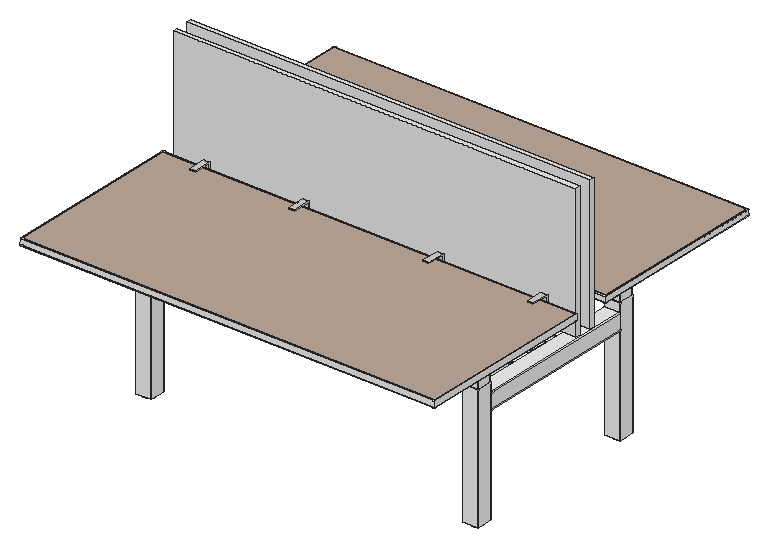
Revit family "T200024", category Furniture, Revit 2022
Family settings
  OmniClass Number = 23.40.20.00
  OmniClass Title = General Furniture and Specialties
  Work Plane-Based = No
  Always vertical = No
  Cut with Voids When Loaded = No
  Render Appearance Source = Family Geometry
  Shared = No
  Room Calculation Point = No
Parameters (values of type "T200024")
  URL = "https://ofs.com/"
  Manufacturer = "OFS"
  Description = "OFS TYPICAL T200024"
  Default Elevation = 0"
  Copyright © = "©OFS 2021"
  Catalog = "https://ofs.com/2020-experience"
  Authoring Version = "Autodesk Revit Architecture 2015"
  Assembly Code = "E2020400"
Reference planes (in)
  plane 1 "Center Front/Back": y = 0
  plane 2: z = 0
  plane 3 "Center Left/Right": x = 0
Dimensions and locks (in)
  aligned and locked: level to plane 2
Nested families (in)
  nested 1: "OFS ELEMENT OPEN L DESK LEFT AND RIGHT 84in Width 60in Return" at (102, 18.84375, 84), type "ELEMENT OPEN L DESK LEFT RETURN 84in Width 60in Return"
    with Right Desk Ovelay no, Left Desk Overlay no, Desk Overlay Option yes
  nested 2: "OFS RANGE END CAP" at (37.75, -0.06469, 0) x (0, -1, 0) z (0, 0, 1), type "END CAP"
  nested 3: "OFS RANGE END CAP" at (-37.75, 0, 0) x (0, 1, 0) z (0, 0, 1), type "END CAP"
  nested 4: "OFS RANGE HEIGHT ADJUSTABLE BENCH KIT" at (0, 12, 0), type "HEIGHT ADJUSTABLE BENCH KIT 72W"
    with Height 27 7/8"
  nested 5: "OFS RANGE CABLE CARRIER" at (0, 12, -23.375), type "CABLE CARRIER 72W"
  nested 6: "OFS RANGE 30D RECTANGULAR TOP" at (0, 33.0625, 0), type "30D RECTANGULAR TOP 70W"
  nested 7: "OFS RANGE 30D RECTANGULAR TOP" at (0, -3.0625, 0), type "30D RECTANGULAR TOP 70W"
  nested 8: "OFS RANGE BRACKETS FOR WORKSURFACE EDGE MODESTY WOOD AND TFL PANEL" at (28.5, -1.8125, -3.25), type "BRACKETS FOR WORKSURFACE EDGE MODESTY Wood and TFL Panel"
  nested 9: "OFS RANGE BRACKETS FOR WORKSURFACE EDGE MODESTY WOOD AND TFL PANEL" at (-11.7347, -1.8125, -3.25), type "BRACKETS FOR WORKSURFACE EDGE MODESTY Wood and TFL Panel"
  nested 10: "OFS RANGE BRACKETS FOR WORKSURFACE EDGE MODESTY WOOD AND TFL PANEL" at (-28.5, -1.8125, -3.25), type "BRACKETS FOR WORKSURFACE EDGE MODESTY Wood and TFL Panel"
  nested 11: "OFS RANGE BRACKETS FOR WORKSURFACE EDGE MODESTY WOOD AND TFL PANEL" at (10.92503, -1.8125, -3.25), type "BRACKETS FOR WORKSURFACE EDGE MODESTY Wood and TFL Panel"
  nested 12: "OFS RANGE BRACKETS FOR WORKSURFACE EDGE MODESTY WOOD AND TFL PANEL" at (-28.5, 1.8125, -3.25), type "BRACKETS FOR WORKSURFACE EDGE MODESTY Wood and TFL Panel"
  nested 13: "OFS RANGE BRACKETS FOR WORKSURFACE EDGE MODESTY WOOD AND TFL PANEL" at (-11.7347, 1.8125, -3.25), type "BRACKETS FOR WORKSURFACE EDGE MODESTY Wood and TFL Panel"
  nested 14: "OFS RANGE BRACKETS FOR WORKSURFACE EDGE MODESTY WOOD AND TFL PANEL" at (10.92503, 1.8125, -3.25), type "BRACKETS FOR WORKSURFACE EDGE MODESTY Wood and TFL Panel"
  nested 15: "OFS RANGE BRACKETS FOR WORKSURFACE EDGE MODESTY WOOD AND TFL PANEL" at (28.5, 1.8125, -3.25), type "BRACKETS FOR WORKSURFACE EDGE MODESTY Wood and TFL Panel"
  nested 16: "OFS RANGE WORKSURFACE EDGE MODESTY TFL HPL OR WILSONART" at (-0.14774, 13.4375, 0), type "WORKSURFACE EDGE MODESTY 68W TFL HPL OR WILSONART"
  nested 17: "OFS RANGE WORKSURFACE EDGE MODESTY TFL HPL OR WILSONART" at (-0.14774, -13.4375, 0), type "WORKSURFACE EDGE MODESTY 68W TFL HPL OR WILSONART"
Definition of nested family "OFS RANGE END CAP"
  Parameters (values of type "END CAP")
    Width = 9"
    URL = "http://www.ofs.com/"
    Model = "HB-EC"
    Manufacturer = "CAROLINA"
    Height from Floor = 15"
    Height = 2"
    Profile Material = none
    Description = "OFS CAROLINA END CAP, for Cable Carrier"
    Depth = 1"
    Default Elevation = 0"
    Copyright © = "©OFS 2019"
    Catalog = "https://ofs.com/products/open-plan/benching/range"
    Authoring Version = "Autodesk Revit Architecture 2015"
    Assembly Code = "E2020200"
  Reference planes (in)
    plane 1 "Back": y = -11.5
    plane 2: z = 0
    plane 3 "Center Left/Right": x = 0
    plane 4 "Front": y = -12.5
    plane 5 "Left": x = -4.5
    plane 6 "Right": x = 4.5
    plane 7: z = 15
    plane 8: z = 17
    plane 9: y = -12
  Forms (in)
    Extrusion 1, solid, material <- "Profile Material"
      sketch origin (1, -13.68515, 0) x (0, -1, 0) y (1, 0, 0)
        loop
          line (-2.18515, 3.74409) -> (-2.18515, -5.74409)
          arc (-2.18515, -5.74409) -> (-2.12047, -5.80878) -> (-2.05578, -5.74409) r 0.06469
          line (-2.05578, -5.74409) -> (-2.05578, -5.45499)
          arc (-2.05578, -5.45499) -> (-2.05002, -5.44107) -> (-2.0361, -5.43531) r 0.01969
          line (-2.0361, -5.43531) -> (-1.31338, -5.43531) -> (-1.31338, -5.39031) -> (-2.0361, -5.39031)
          arc (-2.0361, -5.39031) -> (-2.08184, -5.40925) -> (-2.10078, -5.45499) r 0.06469
          line (-2.10078, -5.45499) -> (-2.10078, -5.74409)
          arc (-2.10078, -5.74409) -> (-2.12047, -5.76378) -> (-2.14015, -5.74409) r 0.01969
          line (-2.14015, -5.74409) -> (-2.14015, 3.74409)
          arc (-2.14015, 3.74409) -> (-2.12047, 3.76378) -> (-2.10078, 3.74409) r 0.01969
          line (-2.10078, 3.74409) -> (-2.10078, 3.45499)
          arc (-2.10078, 3.45499) -> (-2.08184, 3.40925) -> (-2.0361, 3.39031) r 0.06469
          line (-2.0361, 3.39031) -> (-1.31338, 3.39031) -> (-1.31338, 3.43531) -> (-2.0361, 3.43531)
          arc (-2.0361, 3.43531) -> (-2.05002, 3.44107) -> (-2.05578, 3.45499) r 0.01969
          line (-2.05578, 3.45499) -> (-2.05578, 3.74409)
          arc (-2.05578, 3.74409) -> (-2.12047, 3.80878) -> (-2.18515, 3.74409) r 0.06469
      from 15 to 17
    Extrusion 2, void
      sketch origin (0, 0, 0) x (0, 1, 0) y (0, 0, 1)
        loop
          line (-12.18427, 16.85665) -> (-11.64906, 16.85665) -> (-11.64906, 17.10665) -> (-12.64906, 17.10665) -> (-12.64906, 14.89335) -> (-11.64906, 14.89335) -> (-11.64906, 15.14335) -> (-12.18427, 15.14335)
          arc (-12.18427, 15.14335) -> (-12.31685, 15.19827) -> (-12.37177, 15.33085) r 0.1875
          line (-12.37177, 15.33085) -> (-12.37177, 16.66915)
          arc (-12.37177, 16.66915) -> (-12.31685, 16.80173) -> (-12.18427, 16.85665) r 0.1875
        loop
          circle (-12.03905, 15.42172) r 0.10313
      from -4.5 to 4.5
  Cuts and joins
    Extrusion 2 cuts Extrusion 1
  Dimensions and locks (in)
    "Depth": plane 4 "Front" to plane 1 "Back"
    equal spacing: plane 5 "Left", plane 3 "Center Left/Right", plane 6 "Right"
    "Width": plane 5 "Left" to plane 6 "Right"
    "Height from Floor": plane 7 to level
    "Height": plane 8 to plane 7
    equal spacing: plane 4 "Front", plane 9, plane 1 "Back"
    aligned and locked: level to plane 2
    aligned and locked: plane 8 to Extrusion 1
    aligned and locked: Extrusion 1 to plane 7
  Automatic sketch dimensions
    Extrusion 1 sketch curve to Extrusion 1 sketch curve = 0"  (x8)
    Extrusion 1 sketch curve to plane 4 "Front" = 1"
    Extrusion 1 sketch curve to Extrusion 1 sketch curve = 0.045"
    Extrusion 1 sketch curve to Extrusion 1 sketch curve = 0.01969"  (x4)
    Extrusion 1 sketch curve to Extrusion 1 sketch curve = 0.72272"  (x2)
    Extrusion 1 sketch curve to plane 5 "Left" = 0.24409"
    Extrusion 1 sketch curve to Extrusion 1 sketch curve = 0.2891"  (x2)
    plane 5 "Left" to Extrusion 1 sketch curve = 8.89031"
    plane 4 "Front" to Extrusion 2 sketch curve = 0.14906"
    Extrusion 2 sketch curve to plane 4 "Front" = 0.12823"
    Extrusion 2 sketch curve to plane 9 = 0.18427"  (x2)
    Extrusion 2 sketch curve to plane 9 = 5/128"
    plane 1 "Back" to Extrusion 2 sketch curve = 0.14906"  (x2)
    Extrusion 2 sketch curve to plane 7 = 0.10665"
    plane 7 to Extrusion 2 sketch curve = 0.14335"
    Extrusion 2 sketch curve to Extrusion 2 sketch curve = 0.09087"
    Extrusion 2 sketch curve to plane 8 = 0.33085"
    plane 8 to Extrusion 2 sketch curve = 0.10665"
    radius of Extrusion 2 sketch curve = 0.10313"
Definition of nested family "OFS RANGE HEIGHT ADJUSTABLE BENCH KIT"
  Parameters (values of type "HEIGHT ADJUSTABLE BENCH KIT 54W")
    Default Elevation = 0"
    Casters Material = none
    Width = 44"
    URL = "http://www.ofs.com/"
    Model = "HB-54HABK"
    Manufacturer = "CAROLINA"
    Height [instance] = 27 7/8"
    Structure Material = none
    Description = "OFS CAROLINA RANGE HEIGHT ADJUSTABLE BENCH KIT, 54\" Kit, Accommodates Two Users"
    Depth = 45 3/4"
    Copyright © = "©OFS 2019"
    Catalog = "https://ofs.com/products/open-plan/benching/range"
    Authoring Version = "Autodesk Revit Architecture 2015"
    Assembly Code = "E2020200"
  Types (5): name | Width | Model | Description
    (no name) | 44" | "HB-54HABK" | "OFS CAROLINA RANGE HEIGHT ADJUSTABLE BENCH KIT, 54\" Kit, Accommodates Two Users"
    HEIGHT ADJUSTABLE BENCH KIT 54W | 44" | "HB-54HABK" | "OFS CAROLINA RANGE HEIGHT ADJUSTABLE BENCH KIT, 54\" Kit, Accommodates Two Users"
    HEIGHT ADJUSTABLE BENCH KIT 60W | 50" | "HB-60HABK" | "OFS CAROLINA RANGE HEIGHT ADJUSTABLE BENCH KIT, 60\" Kit, Accommodates Two Users"
    HEIGHT ADJUSTABLE BENCH KIT 66W | 56" | "HB-66HABK" | "OFS CAROLINA RANGE HEIGHT ADJUSTABLE BENCH KIT, 66\" Kit, Accommodates Two Users"
    HEIGHT ADJUSTABLE BENCH KIT 72W | 62" | "HB-72HABK" | "OFS CAROLINA RANGE HEIGHT ADJUSTABLE BENCH KIT, 72\" Kit, Accommodates Two Users"
  Reference planes (in)
    plane 1 "Back": y = 10.875
    plane 2: z = 0
    plane 3 "Center Left/Right": x = 0
    plane 4 "Front": y = -34.875
    plane 5 "Left": x = -22
    plane 6 "Right": x = 22
    plane 7: z = 27.875
    plane 8: y = -12
    plane 9: z = 19.75
    plane 10: z = 17
    plane 11: z = 21.25
    plane 12: x = -20
    plane 13: x = 20
    plane 14: x = -17.25
    plane 15: x = 17.25
    plane 16: y = 4.375
    plane 17: y = 1.625
    plane 18: y = -28.375
    plane 19: y = -25.625
    plane 20: z = 0.375
    plane 21: x = -20.875
    plane 22: x = 20.875
    plane 23: y = -4.87622
    plane 24: y = -19.12378
    plane 25: z = 26.75
    plane 26: y = -23.9375
    plane 27: y = -25.125
    plane 28: y = -30.0625
    plane 29: y = -28.875
    plane 30: y = -0.0625
    plane 31: y = 1.125
    plane 32: y = 6.0625
    plane 33: y = 4.875
    plane 34: x = -0.5
    plane 35: x = 0.5
    plane 36: z = 25.5
    plane 37: z = 26
  Forms (in)
    Extrusion 1, solid, material <- "Structure Material"
      sketch origin (0, 0, 0) x (1, 0, 0) y (0, 1, 0)
        loop
          arc (-19.875, 4.375) -> (-19.96339, 4.33839) -> (-20, 4.25) r 0.125
          line (-20, 4.25) -> (-20, 1.75)
          arc (-20, 1.75) -> (-19.96339, 1.66161) -> (-19.875, 1.625) r 0.125
          line (-19.875, 1.625) -> (-17.375, 1.625)
          arc (-17.375, 1.625) -> (-17.28661, 1.66161) -> (-17.25, 1.75) r 0.125
          line (-17.25, 1.75) -> (-17.25, 4.25)
          arc (-17.25, 4.25) -> (-17.28661, 4.33839) -> (-17.375, 4.375) r 0.125
          line (-17.375, 4.375) -> (-19.875, 4.375)
        loop
          arc (17.375, 4.375) -> (17.28661, 4.33839) -> (17.25, 4.25) r 0.125
          line (17.25, 4.25) -> (17.25, 1.75)
          arc (17.25, 1.75) -> (17.28661, 1.66161) -> (17.375, 1.625) r 0.125
          line (17.375, 1.625) -> (19.875, 1.625)
          arc (19.875, 1.625) -> (19.96339, 1.66161) -> (20, 1.75) r 0.125
          line (20, 1.75) -> (20, 4.25)
          arc (20, 4.25) -> (19.96339, 4.33839) -> (19.875, 4.375) r 0.125
          line (19.875, 4.375) -> (17.375, 4.375)
        loop
          arc (19.875, -28.375) -> (19.96339, -28.33839) -> (20, -28.25) r 0.125
          line (20, -28.25) -> (20, -25.75)
          arc (20, -25.75) -> (19.96339, -25.66161) -> (19.875, -25.625) r 0.125
          line (19.875, -25.625) -> (17.375, -25.625)
          arc (17.375, -25.625) -> (17.28661, -25.66161) -> (17.25, -25.75) r 0.125
          line (17.25, -25.75) -> (17.25, -28.25)
          arc (17.25, -28.25) -> (17.28661, -28.33839) -> (17.375, -28.375) r 0.125
          line (17.375, -28.375) -> (19.875, -28.375)
        loop
          arc (-17.375, -28.375) -> (-17.28661, -28.33839) -> (-17.25, -28.25) r 0.125
          line (-17.25, -28.25) -> (-17.25, -25.75)
          arc (-17.25, -25.75) -> (-17.28661, -25.66161) -> (-17.375, -25.625) r 0.125
          line (-17.375, -25.625) -> (-19.875, -25.625)
          arc (-19.875, -25.625) -> (-19.96339, -25.66161) -> (-20, -25.75) r 0.125
          line (-20, -25.75) -> (-20, -28.25)
          arc (-20, -28.25) -> (-19.96339, -28.33839) -> (-19.875, -28.375) r 0.125
          line (-19.875, -28.375) -> (-17.375, -28.375)
      from 0.375 to 21.25
    Extrusion 2, solid, material <- "Structure Material"
      sketch origin (0, 10.875, 0) x (1, 0, 0) y (0, 0, 1)
        loop
          arc (-19.875, 19.75) -> (-19.96339, 19.71339) -> (-20, 19.625) r 0.125
          line (-20, 19.625) -> (-20, 17.125)
          arc (-20, 17.125) -> (-19.96339, 17.03661) -> (-19.875, 17) r 0.125
          line (-19.875, 17) -> (-17.375, 17)
          arc (-17.375, 17) -> (-17.28661, 17.03661) -> (-17.25, 17.125) r 0.125
          line (-17.25, 17.125) -> (-17.25, 19.625)
          arc (-17.25, 19.625) -> (-17.28661, 19.71339) -> (-17.375, 19.75) r 0.125
          line (-17.375, 19.75) -> (-19.875, 19.75)
        loop
          line (19.875, 19.75) -> (17.375, 19.75)
          arc (17.375, 19.75) -> (17.28661, 19.71339) -> (17.25, 19.625) r 0.125
          line (17.25, 19.625) -> (17.25, 17.125)
          arc (17.25, 17.125) -> (17.28661, 17.03661) -> (17.375, 17) r 0.125
          line (17.375, 17) -> (19.875, 17)
          arc (19.875, 17) -> (19.96339, 17.03661) -> (20, 17.125) r 0.125
          line (20, 17.125) -> (20, 19.625)
          arc (20, 19.625) -> (19.96339, 19.71339) -> (19.875, 19.75) r 0.125
      from 9.25 to 36.5
    Revolve 3, solid, material <- "Casters Material"
      sketch origin (0, 3, 0) x (1, 0, 0) y (0, 0, 1)
        loop
          line (-19.63403, 0.03937) -> (-18.625, 0.03937) -> (-18.625, 0.375) -> (-19.45473, 0.375) -> (-19.63403, 0.19569) -> (-19.63403, 0.03937)
        axis (-18.625, 0.375) -> (-18.625, 0.03937)
      angle from 0 to 360
    Revolve 4, solid, material <- "Casters Material"
      sketch origin (0, 3, 0) x (-1, 0, 0) y (0, 0, -1)
        loop
          line (-19.63403, -0.03937) -> (-19.63403, -0.19569) -> (-19.45473, -0.375) -> (-18.625, -0.375) -> (-18.625, -0.03937) -> (-19.63403, -0.03937)
        axis (-18.625, -0.375) -> (-18.625, -0.03937)
      angle from 0 to 360
    Revolve 5, solid, material <- "Casters Material"
      sketch origin (0, -27, 0) x (1, 0, 0) y (0, 0, -1)
        loop
          line (-19.63403, -0.03937) -> (-19.63403, -0.19569) -> (-19.45473, -0.375) -> (-18.625, -0.375) -> (-18.625, -0.03937) -> (-19.63403, -0.03937)
        axis (-18.625, -0.375) -> (-18.625, -0.03937)
      angle from 0 to 360
    Revolve 6, solid, material <- "Casters Material"
      sketch origin (0, -27, 0) x (-1, 0, 0) y (0, 0, 1)
        loop
          line (-19.63403, 0.03937) -> (-18.625, 0.03937) -> (-18.625, 0.375) -> (-19.45473, 0.375) -> (-19.63403, 0.19569) -> (-19.63403, 0.03937)
        axis (-18.625, 0.375) -> (-18.625, 0.03937)
      angle from 0 to 360
    Extrusion 7, solid, material <- "Structure Material"
      sketch origin (0, 10.875, 0) x (1, 0, 0) y (0, 0, 1)
        loop
          arc (-21.875, 27.875) -> (-21.96339, 27.83839) -> (-22, 27.75) r 0.125
          line (-22, 27.75) -> (-22, 26.875)
          arc (-22, 26.875) -> (-21.96339, 26.78661) -> (-21.875, 26.75) r 0.125
          line (-21.875, 26.75) -> (-21, 26.75)
          arc (-21, 26.75) -> (-20.91161, 26.78661) -> (-20.875, 26.875) r 0.125
          line (-20.875, 26.875) -> (-20.875, 27.75)
          arc (-20.875, 27.75) -> (-20.91161, 27.83839) -> (-21, 27.875) r 0.125
          line (-21, 27.875) -> (-21.875, 27.875)
        loop
          arc (21, 27.875) -> (20.91161, 27.83839) -> (20.875, 27.75) r 0.125
          line (20.875, 27.75) -> (20.875, 26.875)
          arc (20.875, 26.875) -> (20.91161, 26.78661) -> (21, 26.75) r 0.125
          line (21, 26.75) -> (21.875, 26.75)
          arc (21.875, 26.75) -> (21.96339, 26.78661) -> (22, 26.875) r 0.125
          line (22, 26.875) -> (22, 27.75)
          arc (22, 27.75) -> (21.96339, 27.83839) -> (21.875, 27.875) r 0.125
          line (21.875, 27.875) -> (21, 27.875)
      from 15.75122 to 0
    Extrusion 8, solid, material <- "Structure Material"
      sketch origin (0, 10.875, 0) x (1, 0, 0) y (0, 0, 1)
        loop
          line (21.875, 27.875) -> (21, 27.875)
          arc (21, 27.875) -> (20.91161, 27.83839) -> (20.875, 27.75) r 0.125
          line (20.875, 27.75) -> (20.875, 26.875)
          arc (20.875, 26.875) -> (20.91161, 26.78661) -> (21, 26.75) r 0.125
          line (21, 26.75) -> (21.875, 26.75)
          arc (21.875, 26.75) -> (21.96339, 26.78661) -> (22, 26.875) r 0.125
          line (22, 26.875) -> (22, 27.75)
          arc (22, 27.75) -> (21.96339, 27.83839) -> (21.875, 27.875) r 0.125
        loop
          arc (-21.875, 27.875) -> (-21.96339, 27.83839) -> (-22, 27.75) r 0.125
          line (-22, 27.75) -> (-22, 26.875)
          arc (-22, 26.875) -> (-21.96339, 26.78661) -> (-21.875, 26.75) r 0.125
          line (-21.875, 26.75) -> (-21, 26.75)
          arc (-21, 26.75) -> (-20.91161, 26.78661) -> (-20.875, 26.875) r 0.125
          line (-20.875, 26.875) -> (-20.875, 27.75)
          arc (-20.875, 27.75) -> (-20.91161, 27.83839) -> (-21, 27.875) r 0.125
          line (-21, 27.875) -> (-21.875, 27.875)
      from 29.99878 to 45.75
    Extrusion 9, solid, material <- "Structure Material"
      sketch origin (0, 0, 0) x (0, 1, 0) y (0, 0, 1)
        loop
          line (5.9375, 27.875) -> (5, 27.875)
          arc (5, 27.875) -> (4.91161, 27.83839) -> (4.875, 27.75) r 0.125
          line (4.875, 27.75) -> (4.875, 26.875)
          arc (4.875, 26.875) -> (4.91161, 26.78661) -> (5, 26.75) r 0.125
          line (5, 26.75) -> (5.9375, 26.75)
          arc (5.9375, 26.75) -> (6.02589, 26.78661) -> (6.0625, 26.875) r 0.125
          line (6.0625, 26.875) -> (6.0625, 27.75)
          arc (6.0625, 27.75) -> (6.02589, 27.83839) -> (5.9375, 27.875) r 0.125
        loop
          arc (0.0625, 27.875) -> (-0.02589, 27.83839) -> (-0.0625, 27.75) r 0.125
          line (-0.0625, 27.75) -> (-0.0625, 26.875)
          arc (-0.0625, 26.875) -> (-0.02589, 26.78661) -> (0.0625, 26.75) r 0.125
          line (0.0625, 26.75) -> (1, 26.75)
          arc (1, 26.75) -> (1.08839, 26.78661) -> (1.125, 26.875) r 0.125
          line (1.125, 26.875) -> (1.125, 27.75)
          arc (1.125, 27.75) -> (1.08839, 27.83839) -> (1, 27.875) r 0.125
          line (1, 27.875) -> (0.0625, 27.875)
        loop
          line (-24.0625, 27.875) -> (-25, 27.875)
          arc (-25, 27.875) -> (-25.08839, 27.83839) -> (-25.125, 27.75) r 0.125
          line (-25.125, 27.75) -> (-25.125, 26.875)
          arc (-25.125, 26.875) -> (-25.08839, 26.78661) -> (-25, 26.75) r 0.125
          line (-25, 26.75) -> (-24.0625, 26.75)
          arc (-24.0625, 26.75) -> (-23.97411, 26.78661) -> (-23.9375, 26.875) r 0.125
          line (-23.9375, 26.875) -> (-23.9375, 27.75)
          arc (-23.9375, 27.75) -> (-23.97411, 27.83839) -> (-24.0625, 27.875) r 0.125
        loop
          arc (-29.9375, 27.875) -> (-30.02589, 27.83839) -> (-30.0625, 27.75) r 0.125
          line (-30.0625, 27.75) -> (-30.0625, 26.875)
          arc (-30.0625, 26.875) -> (-30.02589, 26.78661) -> (-29.9375, 26.75) r 0.125
          line (-29.9375, 26.75) -> (-29, 26.75)
          arc (-29, 26.75) -> (-28.91161, 26.78661) -> (-28.875, 26.875) r 0.125
          line (-28.875, 26.875) -> (-28.875, 27.75)
          arc (-28.875, 27.75) -> (-28.91161, 27.83839) -> (-29, 27.875) r 0.125
          line (-29, 27.875) -> (-29.9375, 27.875)
      from -20.875 to -0.5
    Extrusion 10, solid, material <- "Structure Material"
      sketch origin (0, 0, 0) x (0, 1, 0) y (0, 0, 1)
        loop
          line (5.9375, 27.875) -> (5, 27.875)
          arc (5, 27.875) -> (4.91161, 27.83839) -> (4.875, 27.75) r 0.125
          line (4.875, 27.75) -> (4.875, 26.875)
          arc (4.875, 26.875) -> (4.91161, 26.78661) -> (5, 26.75) r 0.125
          line (5, 26.75) -> (5.9375, 26.75)
          arc (5.9375, 26.75) -> (6.02589, 26.78661) -> (6.0625, 26.875) r 0.125
          line (6.0625, 26.875) -> (6.0625, 27.75)
          arc (6.0625, 27.75) -> (6.02589, 27.83839) -> (5.9375, 27.875) r 0.125
        loop
          line (1, 27.875) -> (0.0625, 27.875)
          arc (0.0625, 27.875) -> (-0.02589, 27.83839) -> (-0.0625, 27.75) r 0.125
          line (-0.0625, 27.75) -> (-0.0625, 26.875)
          arc (-0.0625, 26.875) -> (-0.02589, 26.78661) -> (0.0625, 26.75) r 0.125
          line (0.0625, 26.75) -> (1, 26.75)
          arc (1, 26.75) -> (1.08839, 26.78661) -> (1.125, 26.875) r 0.125
          line (1.125, 26.875) -> (1.125, 27.75)
          arc (1.125, 27.75) -> (1.08839, 27.83839) -> (1, 27.875) r 0.125
        loop
          line (-29, 27.875) -> (-29.9375, 27.875)
          arc (-29.9375, 27.875) -> (-30.02589, 27.83839) -> (-30.0625, 27.75) r 0.125
          line (-30.0625, 27.75) -> (-30.0625, 26.875)
          arc (-30.0625, 26.875) -> (-30.02589, 26.78661) -> (-29.9375, 26.75) r 0.125
          line (-29.9375, 26.75) -> (-29, 26.75)
          arc (-29, 26.75) -> (-28.91161, 26.78661) -> (-28.875, 26.875) r 0.125
          line (-28.875, 26.875) -> (-28.875, 27.75)
          arc (-28.875, 27.75) -> (-28.91161, 27.83839) -> (-29, 27.875) r 0.125
        loop
          line (-24.0625, 27.875) -> (-25, 27.875)
          arc (-25, 27.875) -> (-25.08839, 27.83839) -> (-25.125, 27.75) r 0.125
          line (-25.125, 27.75) -> (-25.125, 26.875)
          arc (-25.125, 26.875) -> (-25.08839, 26.78661) -> (-25, 26.75) r 0.125
          line (-25, 26.75) -> (-24.0625, 26.75)
          arc (-24.0625, 26.75) -> (-23.97411, 26.78661) -> (-23.9375, 26.875) r 0.125
          line (-23.9375, 26.875) -> (-23.9375, 27.75)
          arc (-23.9375, 27.75) -> (-23.97411, 27.83839) -> (-24.0625, 27.875) r 0.125
      from 0.5 to 20.875
    Extrusion 11, solid, material <- "Structure Material"
      sketch origin (0, 0, 0) x (0, 1, 0) y (0, 0, 1)
        loop
          line (5.9375, 27.75) -> (5, 27.75) -> (5, 26.875) -> (5.9375, 26.875) -> (5.9375, 27.75)
        loop
          line (1, 27.75) -> (0.0625, 27.75) -> (0.0625, 26.875) -> (1, 26.875) -> (1, 27.75)
        loop
          line (-24.0625, 27.75) -> (-25, 27.75) -> (-25, 26.875) -> (-24.0625, 26.875) -> (-24.0625, 27.75)
        loop
          line (-29, 27.75) -> (-29.9375, 27.75) -> (-29.9375, 26.875) -> (-29, 26.875) -> (-29, 27.75)
      from -0.5 to 0.5
    Extrusion 12, solid, material <- "Structure Material"
      sketch origin (0, 0, 0) x (1, 0, 0) y (0, 1, 0)
        loop
          line (-20.5, 4.625) -> (-20.5, 1.375) -> (-16.75, 1.375) -> (-16.75, 4.625) -> (-20.5, 4.625)
        loop
          line (-20.5, -28.625) -> (-16.75, -28.625) -> (-16.75, -25.375) -> (-20.5, -25.375) -> (-20.5, -28.625)
        loop
          line (20.5, 4.625) -> (16.75, 4.625) -> (16.75, 1.375) -> (20.5, 1.375) -> (20.5, 4.625)
        loop
          line (20.5, -28.625) -> (20.5, -25.375) -> (16.75, -25.375) -> (16.75, -28.625) -> (20.5, -28.625)
      from 25.5 to 26
    Extrusion 13, solid, material <- "Structure Material"
      sketch origin (0, 0, 0) x (1, 0, 0) y (0, 1, 0)
        loop
          arc (-19.75, 4.25) -> (-19.83839, 4.21339) -> (-19.875, 4.125) r 0.125
          line (-19.875, 4.125) -> (-19.875, 1.875)
          arc (-19.875, 1.875) -> (-19.83839, 1.78661) -> (-19.75, 1.75) r 0.125
          line (-19.75, 1.75) -> (-17.5, 1.75)
          arc (-17.5, 1.75) -> (-17.41161, 1.78661) -> (-17.375, 1.875) r 0.125
          line (-17.375, 1.875) -> (-17.375, 4.125)
          arc (-17.375, 4.125) -> (-17.41161, 4.21339) -> (-17.5, 4.25) r 0.125
          line (-17.5, 4.25) -> (-19.75, 4.25)
        loop
          line (19.75, 4.25) -> (17.5, 4.25)
          arc (17.5, 4.25) -> (17.41161, 4.21339) -> (17.375, 4.125) r 0.125
          line (17.375, 4.125) -> (17.375, 1.875)
          arc (17.375, 1.875) -> (17.41161, 1.78661) -> (17.5, 1.75) r 0.125
          line (17.5, 1.75) -> (19.75, 1.75)
          arc (19.75, 1.75) -> (19.83839, 1.78661) -> (19.875, 1.875) r 0.125
          line (19.875, 1.875) -> (19.875, 4.125)
          arc (19.875, 4.125) -> (19.83839, 4.21339) -> (19.75, 4.25) r 0.125
        loop
          arc (19.75, -28.25) -> (19.83839, -28.21339) -> (19.875, -28.125) r 0.125
          line (19.875, -28.125) -> (19.875, -25.875)
          arc (19.875, -25.875) -> (19.83839, -25.78661) -> (19.75, -25.75) r 0.125
          line (19.75, -25.75) -> (17.5, -25.75)
          arc (17.5, -25.75) -> (17.41161, -25.78661) -> (17.375, -25.875) r 0.125
          line (17.375, -25.875) -> (17.375, -28.125)
          arc (17.375, -28.125) -> (17.41161, -28.21339) -> (17.5, -28.25) r 0.125
          line (17.5, -28.25) -> (19.75, -28.25)
        loop
          line (-19.75, -28.25) -> (-17.5, -28.25)
          arc (-17.5, -28.25) -> (-17.41161, -28.21339) -> (-17.375, -28.125) r 0.125
          line (-17.375, -28.125) -> (-17.375, -25.875)
          arc (-17.375, -25.875) -> (-17.41161, -25.78661) -> (-17.5, -25.75) r 0.125
          line (-17.5, -25.75) -> (-19.75, -25.75)
          arc (-19.75, -25.75) -> (-19.83839, -25.78661) -> (-19.875, -25.875) r 0.125
          line (-19.875, -25.875) -> (-19.875, -28.125)
          arc (-19.875, -28.125) -> (-19.83839, -28.21339) -> (-19.75, -28.25) r 0.125
      from 21.25 to 25.5
    Blend 14, solid, material <- "Structure Material"
      base sketch origin (0, 0, 0) x (1, 0, 0) y (0, 1, 0)
        loop
          arc (-12.71653, -28.875) -> (-12.15432, -27) -> (-12.71653, -25.125) r 3.40773
          line (-12.71653, -25.125) -> (-20.875, -25.125) -> (-20.875, -28.875) -> (-12.71653, -28.875)
      top sketch origin (0, 0, 0) x (1, 0, 0) y (0, 1, 0)
        loop
          line (-12.71653, -28.875) -> (-12.71653, -25.125) -> (-20.875, -25.125) -> (-20.875, -28.875) -> (-12.71653, -28.875)
      from 27.875 to 26
    Blend 15, solid, material <- "Structure Material"
      base sketch origin (0, 0, 0) x (-1, 0, 0) y (0, -1, 0)
        loop
          line (-12.71653, 28.875) -> (-20.875, 28.875) -> (-20.875, 25.125) -> (-12.71653, 25.125)
          arc (-12.71653, 25.125) -> (-12.15432, 27) -> (-12.71653, 28.875) r 3.40773
      top sketch origin (0, 0, 0) x (-1, 0, 0) y (0, -1, 0)
        loop
          line (-12.71653, 28.875) -> (-20.875, 28.875) -> (-20.875, 25.125) -> (-12.71653, 25.125) -> (-12.71653, 28.875)
      from 27.875 to 26
    Blend 16, solid, material <- "Structure Material"
      base sketch origin (0, -24, 0) x (1, 0, 0) y (0, 1, 0)
        loop
          line (-12.71653, 28.875) -> (-20.875, 28.875) -> (-20.875, 25.125) -> (-12.71653, 25.125)
          arc (-12.71653, 25.125) -> (-12.15432, 27) -> (-12.71653, 28.875) r 3.40773
      top sketch origin (0, -24, 0) x (1, 0, 0) y (0, 1, 0)
        loop
          line (-12.71653, 28.875) -> (-20.875, 28.875) -> (-20.875, 25.125) -> (-12.71653, 25.125) -> (-12.71653, 28.875)
      from 27.875 to 26
    Blend 17, solid, material <- "Structure Material"
      base sketch origin (0, -24, 0) x (-1, 0, 0) y (0, -1, 0)
        loop
          arc (-12.71653, -28.875) -> (-12.15432, -27) -> (-12.71653, -25.125) r 3.40773
          line (-12.71653, -25.125) -> (-20.875, -25.125) -> (-20.875, -28.875) -> (-12.71653, -28.875)
      top sketch origin (0, -24, 0) x (-1, 0, 0) y (0, -1, 0)
        loop
          line (-12.71653, -28.875) -> (-12.71653, -25.125) -> (-20.875, -25.125) -> (-20.875, -28.875) -> (-12.71653, -28.875)
      from 27.875 to 26
  Dimensions and locks (in)
    "Depth": plane 4 "Front" to plane 1 "Back"
    equal spacing: plane 5 "Left", plane 3 "Center Left/Right", plane 6 "Right"
    "Width": plane 5 "Left" to plane 6 "Right"
    "Height": plane 7 to level
    equal spacing: plane 4 "Front", plane 8, plane 1 "Back"
    plane 11 to plane 9 to plane 10 to level = 1 1/2" locked, 2 3/4" locked, 17" locked
    plane 5 "Left" to plane 12 to plane 14 = 2" locked, 2 3/4" locked
    plane 15 to plane 13 to plane 6 "Right" = 2 3/4" locked, 2" locked
    plane 1 "Back" to plane 16 to plane 17 = 6 1/2" locked, 2 3/4" locked
    plane 4 "Front" to plane 18 to plane 19 = 6 1/2" locked, 2 3/4" locked
    locked: plane 20 to level at 0.375
    locked: plane 5 "Left" to plane 21 at 1.125
    locked: plane 6 "Right" to plane 22 at 1.125
    plane 23 to plane 8 to plane 24 = 7.12378" locked, 7.12378" locked
    locked: plane 7 to plane 25 at 1.125
    plane 19 to plane 27 to plane 26 = 1/2" locked, 1 3/16" locked
    plane 18 to plane 29 to plane 28 = 1/2" locked, 1 3/16" locked
    plane 17 to plane 31 to plane 30 = 1/2" locked, 1 3/16" locked
    plane 16 to plane 33 to plane 32 = 1/2" locked, 1 3/16" locked
    locked: plane 5 "Left" to plane 34 at 21.5
    locked: plane 6 "Right" to plane 35 at 21.5
    plane 7 to plane 37 to plane 36 = 1 7/8" locked, 1/2" locked
    Blend 14 sketch curve to Blend 14 sketch curve = 8.72068"
    Blend 15 sketch curve to Blend 15 sketch curve = 8.72068"
    Blend 16 sketch curve to Blend 16 sketch curve = 8.72068"
    Blend 17 sketch curve to Blend 17 sketch curve = 8.72068"
    aligned and locked: level to plane 2
    aligned and locked: Extrusion 1 sketch curve to plane 16  (x2)
    aligned and locked: plane 12 to Extrusion 1 sketch curve  (x2)
    aligned and locked: plane 17 to Extrusion 1 sketch curve  (x2)
    aligned and locked: Extrusion 1 sketch curve to plane 14  (x2)
    aligned and locked: Extrusion 1 sketch curve to plane 15  (x2)
    aligned and locked: plane 13 to Extrusion 1 sketch curve  (x2)
    aligned and locked: Extrusion 1 sketch curve to plane 18  (x2)
    aligned and locked: plane 19 to Extrusion 1 sketch curve  (x2)
    aligned and locked: Extrusion 1 to plane 20
    aligned and locked: Extrusion 2 sketch curve to plane 9
    aligned and locked: plane 12 to Extrusion 2 sketch curve
    aligned and locked: plane 10 to Extrusion 2 sketch curve
    aligned and locked: Extrusion 2 sketch curve to plane 14
    aligned and locked: plane 9 to Extrusion 2 sketch curve
    aligned and locked: Extrusion 2 sketch curve to plane 13
    aligned and locked: Extrusion 2 sketch curve to plane 10
    aligned and locked: plane 15 to Extrusion 2 sketch curve
    aligned and locked: plane 19 to Extrusion 2
    aligned and locked: plane 17 to Extrusion 2
    aligned and locked: Extrusion 7 sketch curve to plane 7  (x2)
    aligned and locked: plane 5 "Left" to Extrusion 7 sketch curve
    aligned and locked: plane 25 to Extrusion 7 sketch curve  (x2)
    aligned and locked: Extrusion 7 sketch curve to plane 21
    aligned and locked: Extrusion 7 sketch curve to plane 22
    aligned and locked: plane 6 "Right" to Extrusion 7 sketch curve
    aligned and locked: plane 7 to Extrusion 8 sketch curve
    aligned and locked: Extrusion 8 sketch curve to plane 6 "Right"
    aligned and locked: Extrusion 8 sketch curve to plane 25
    aligned and locked: plane 22 to Extrusion 8 sketch curve
    aligned and locked: Extrusion 8 sketch curve to plane 7
    aligned and locked: plane 5 "Left" to Extrusion 8 sketch curve
    aligned and locked: Extrusion 8 sketch curve to plane 21
    aligned and locked: Extrusion 7 to plane 1 "Back"
    aligned and locked: plane 4 "Front" to Extrusion 8
    aligned and locked: Extrusion 8 to plane 24
    aligned and locked: Extrusion 7 to plane 23
    aligned and locked: plane 7 to Extrusion 9 sketch curve  (x2)
    aligned and locked: Extrusion 9 sketch curve to plane 32
    aligned and locked: Extrusion 9 sketch curve to plane 25  (x2)
    aligned and locked: plane 33 to Extrusion 9 sketch curve
    aligned and locked: Extrusion 9 sketch curve to plane 7  (x2)
    aligned and locked: plane 30 to Extrusion 9 sketch curve
    aligned and locked: plane 25 to Extrusion 9 sketch curve  (x2)
    aligned and locked: Extrusion 9 sketch curve to plane 31
    aligned and locked: Extrusion 9 sketch curve to plane 26
    aligned and locked: plane 27 to Extrusion 9 sketch curve
    aligned and locked: plane 28 to Extrusion 9 sketch curve
    aligned and locked: Extrusion 9 sketch curve to plane 29
    aligned and locked: Extrusion 9 to plane 21
    aligned and locked: plane 34 to Extrusion 9
    aligned and locked: plane 7 to Extrusion 10 sketch curve  (x4)
    aligned and locked: Extrusion 10 sketch curve to plane 32
    aligned and locked: Extrusion 10 sketch curve to plane 25  (x4)
    aligned and locked: plane 33 to Extrusion 10 sketch curve
    aligned and locked: plane 31 to Extrusion 10 sketch curve
    aligned and locked: Extrusion 10 sketch curve to plane 30
    aligned and locked: plane 29 to Extrusion 10 sketch curve
    aligned and locked: Extrusion 10 sketch curve to plane 28
    aligned and locked: Extrusion 10 sketch curve to plane 26
    aligned and locked: plane 27 to Extrusion 10 sketch curve
    aligned and locked: plane 35 to Extrusion 10
    aligned and locked: Extrusion 10 to plane 22
    aligned and locked: Extrusion 11 to plane 34
    aligned and locked: Extrusion 11 to plane 35
    aligned and locked: plane 11 to Extrusion 1
    aligned and locked: plane 36 to Extrusion 12
    aligned and locked: plane 37 to Extrusion 12
    aligned and locked: Extrusion 13 to plane 11
    aligned and locked: plane 36 to Extrusion 13
    aligned and locked: plane 29 to Blend 14 sketch curve  (x2)
    aligned and locked: plane 27 to Blend 14 sketch curve  (x2)
    aligned and locked: plane 21 to Blend 14 sketch curve
    aligned and locked: Blend 14 sketch curve to plane 21
    aligned and locked: Blend 14 to plane 37
    aligned and locked: plane 7 to Blend 14
    aligned and locked: plane 7 to Blend 15
    aligned and locked: plane 7 to Blend 17
    aligned and locked: plane 7 to Blend 16
    aligned and locked: Blend 16 to plane 37
    aligned and locked: Blend 15 to plane 37
    aligned and locked: Blend 17 to plane 37
  Automatic sketch dimensions
    plane 12 to Extrusion 1 sketch curve = 1/8"  (x4)
    Extrusion 1 sketch curve to Extrusion 1 sketch curve = 1/8"  (x3)
    Extrusion 1 sketch curve to plane 14 = 1/8"  (x2)
    Extrusion 1 sketch curve to plane 15 = 1/8"  (x3)
    plane 13 to Extrusion 1 sketch curve = 1/8"  (x4)
    plane 12 to Extrusion 2 sketch curve = 1/8"
    Extrusion 2 sketch curve to plane 9 = 1/8"  (x3)
    Extrusion 2 sketch curve to Extrusion 2 sketch curve = 1/8"
    Extrusion 2 sketch curve to plane 15 = 1/8"  (x2)
    plane 13 to Extrusion 2 sketch curve = 1/8"
    Revolve 3 sketch curve to plane 20 = 0"
    level to Revolve 3 sketch curve = 0.03937"
    plane 12 to Revolve 3 sketch curve = 0.36597"
    Revolve 3 sketch curve to Revolve 3 sketch curve = 0.17931"
    Revolve 3 sketch curve to Revolve 3 sketch curve = 0.82973"
    Revolve 3 sketch curve to Revolve 3 sketch curve = 0.15632"
    Revolve 3 sketch curve to Revolve 3 sketch curve = 0"  (x2)
    Revolve 3 sketch curve to level = 1.46063"
    Revolve 4 sketch curve to plane 20 = 0"
    level to Revolve 4 sketch curve = 0.03937"
    plane 13 to Revolve 4 sketch curve = 0.36597"
    Revolve 4 sketch curve to Revolve 4 sketch curve = 0.17931"
    Revolve 4 sketch curve to Revolve 4 sketch curve = 0.82973"
    Revolve 4 sketch curve to Revolve 4 sketch curve = 0.15632"
    Revolve 4 sketch curve to Revolve 4 sketch curve = 0"  (x2)
    Revolve 4 sketch curve to level = 1.46063"
    Revolve 5 sketch curve to plane 20 = 0"
    level to Revolve 5 sketch curve = 0.03937"
    plane 12 to Revolve 5 sketch curve = 0.36597"
    Revolve 5 sketch curve to Revolve 5 sketch curve = 0.17931"
    Revolve 5 sketch curve to Revolve 5 sketch curve = 0.82973"
    Revolve 5 sketch curve to Revolve 5 sketch curve = 0.15632"
    Revolve 5 sketch curve to Revolve 5 sketch curve = 0"  (x2)
    Revolve 5 sketch curve to level = 1.46063"
    Revolve 6 sketch curve to plane 20 = 0"
    level to Revolve 6 sketch curve = 0.03937"
    plane 13 to Revolve 6 sketch curve = 0.36597"
    Revolve 6 sketch curve to Revolve 6 sketch curve = 0.17931"
    Revolve 6 sketch curve to Revolve 6 sketch curve = 0.82973"
    Revolve 6 sketch curve to Revolve 6 sketch curve = 0.15632"
    Revolve 6 sketch curve to Revolve 6 sketch curve = 0"  (x2)
    Revolve 6 sketch curve to level = 1.46063"
    plane 5 "Left" to Extrusion 7 sketch curve = 1/8"  (x2)
    Extrusion 7 sketch curve to plane 21 = 1/8"
    Extrusion 7 sketch curve to Extrusion 7 sketch curve = 1/8"
    Extrusion 7 sketch curve to plane 22 = 1/8"
    Extrusion 7 sketch curve to plane 7 = 1/8"
    plane 6 "Right" to Extrusion 7 sketch curve = 1/8"  (x2)
    Extrusion 8 sketch curve to plane 25 = 0"
    plane 5 "Left" to Extrusion 8 sketch curve = 1/8"  (x2)
    Extrusion 8 sketch curve to plane 21 = 1/8"
    Extrusion 8 sketch curve to Extrusion 8 sketch curve = 1/8"  (x2)
    Extrusion 8 sketch curve to plane 22 = 1/8"
    plane 6 "Right" to Extrusion 8 sketch curve = 1/8"  (x2)
    plane 25 to Extrusion 9 sketch curve = 1/8"  (x7)
    Extrusion 9 sketch curve to Extrusion 9 sketch curve = 1/8"  (x5)
    Extrusion 9 sketch curve to plane 29 = 1/8"
    Extrusion 9 sketch curve to plane 27 = 1/8"
    plane 26 to Extrusion 9 sketch curve = 1/8"
    Extrusion 9 sketch curve to plane 31 = 1/8"
    plane 28 to Extrusion 10 sketch curve = 1/8"
    Extrusion 10 sketch curve to Extrusion 10 sketch curve = 1/8"  (x8)
    Extrusion 10 sketch curve to plane 29 = 1/8"
    plane 25 to Extrusion 10 sketch curve = 1/8"  (x3)
    plane 30 to Extrusion 10 sketch curve = 1/8"
    Extrusion 10 sketch curve to plane 33 = 1/8"
    plane 32 to Extrusion 10 sketch curve = 1/8"
    plane 28 to Extrusion 11 sketch curve = 1/8"
    Extrusion 11 sketch curve to plane 29 = 1/8"
    Extrusion 11 sketch curve to plane 27 = 1/8"
    plane 26 to Extrusion 11 sketch curve = 1/8"
    plane 30 to Extrusion 11 sketch curve = 1/8"
    Extrusion 11 sketch curve to plane 31 = 1/8"
    Extrusion 11 sketch curve to plane 33 = 1/8"
    plane 32 to Extrusion 11 sketch curve = 1/8"
    plane 25 to Extrusion 11 sketch curve = 1/8"  (x4)
    Extrusion 11 sketch curve to plane 7 = 1/8"  (x4)
    plane 21 to Extrusion 12 sketch curve = 3/8"  (x2)
    plane 14 to Extrusion 12 sketch curve = 1/2"  (x2)
    plane 15 to Extrusion 12 sketch curve = 1/2"  (x2)
    plane 22 to Extrusion 12 sketch curve = 3/8"  (x2)
    plane 18 to Extrusion 12 sketch curve = 1/4"  (x2)
    Extrusion 12 sketch curve to plane 19 = 1/4"  (x2)
    Extrusion 12 sketch curve to plane 17 = 1/4"  (x2)
    plane 16 to Extrusion 12 sketch curve = 1/4"  (x2)
    plane 12 to Extrusion 13 sketch curve = 1/8"  (x2)
    Extrusion 13 sketch curve to Extrusion 13 sketch curve = 1/8"  (x10)
    plane 17 to Extrusion 13 sketch curve = 1/8"  (x2)
    plane 19 to Extrusion 13 sketch curve = 1/8"
    Extrusion 13 sketch curve to plane 14 = 1/4"  (x4)
    Extrusion 13 sketch curve to plane 14 = 1/8"
    Extrusion 13 sketch curve to plane 15 = 1/8"  (x2)
    plane 13 to Extrusion 13 sketch curve = 1/4"  (x4)
    plane 13 to Extrusion 13 sketch curve = 1/8"
    Extrusion 13 sketch curve to plane 18 = 1/4"  (x2)
    plane 19 to Extrusion 13 sketch curve = 1/4"
    Extrusion 13 sketch curve to plane 16 = 1/4"  (x2)
    plane 14 to Blend 14 sketch curve = 1.68794"
    Blend 14 sketch curve to Blend 14 sketch curve = 2.84553"
    plane 14 to Blend 14 sketch curve = 4.53347"
    Blend 15 sketch curve to plane 22 = 0"  (x2)
    Blend 15 sketch curve to plane 29 = 0"  (x2)
    plane 27 to Blend 15 sketch curve = 0"  (x2)
    Blend 15 sketch curve to plane 15 = 1.68794"
    Blend 15 sketch curve to Blend 15 sketch curve = 2.84553"
    Blend 15 sketch curve to plane 15 = 4.53347"
    Blend 16 sketch curve to plane 21 = 0"  (x2)
    plane 33 to Blend 16 sketch curve = 0"  (x2)
    Blend 16 sketch curve to plane 31 = 0"  (x2)
    Blend 16 sketch curve to plane 14 = 1.68794"
    Blend 16 sketch curve to Blend 16 sketch curve = 2.84553"
    Blend 16 sketch curve to plane 14 = 4.53347"
    Blend 17 sketch curve to plane 22 = 0"  (x2)
    plane 33 to Blend 17 sketch curve = 0"  (x2)
    Blend 17 sketch curve to plane 31 = 0"  (x2)
    plane 15 to Blend 17 sketch curve = 1.68794"
    Blend 17 sketch curve to Blend 17 sketch curve = 2.84553"
    plane 15 to Blend 17 sketch curve = 4.53347"
Definition of nested family "OFS RANGE CABLE CARRIER"
  Parameters (values of type "CABLE CARRIER 72W")
    Width = 52 1/2"
    URL = "http://www.ofs.com/"
    Model = "HB-72CC"
    Manufacturer = "CAROLINA"
    Height from Floor = 38 3/8"
    Height = 4 3/4"
    Profile Material = none
    Description = "OFS CAROLINA CABLE CARRIER, Use with 72\" Bench Kit"
    Depth = 9 1/2"
    Default Elevation = 0"
    Copyright © = "©OFS 2019"
    Catalog = "https://ofs.com/products/open-plan/benching/range"
    Authoring Version = "Autodesk Revit Architecture 2015"
    Assembly Code = "E2020200"
  Types (5): name | Width | Model | Description
    (no name) | 52 1/2" | "HB-72CC" | "OFS CAROLINA CABLE CARRIER, Use with 72\" Bench Kit"
    CABLE CARRIER 54W | 34 1/2" | "HB-54CC" | "OFS CAROLINA CABLE CARRIER, Use with 54\" Bench Kit"
    CABLE CARRIER 60W | 40 1/2" | "HB-60CC" | "OFS CAROLINA CABLE CARRIER, Use with 60\" Bench Kit"
    CABLE CARRIER 66W | 46 1/2" | "HB-66CC" | "OFS CAROLINA CABLE CARRIER, Use with 66\" Bench Kit"
    CABLE CARRIER 72W | 52 1/2" | "HB-72CC" | "OFS CAROLINA CABLE CARRIER, Use with 72\" Bench Kit"
  Reference planes (in)
    plane 1 "Back": y = -7.25
    plane 2: z = 0
    plane 3 "Center Left/Right": x = 0
    plane 4 "Front": y = -16.75
    plane 5 "Left": x = -26.25
    plane 6 "Right": x = 26.25
    plane 7: z = 38.375
    plane 8: z = 43.125
    plane 9: y = -12
    plane 10: x = -26
    plane 11: x = 26
  Forms (in)
    Extrusion 1, solid, material <- "Profile Material"
      sketch origin (0, 0, 0) x (0, 1, 0) y (0, 0, 1)
        loop
          arc (-16.75, 38.46905) -> (-16.66025, 38.38387) -> (-16.57988, 38.47795) r 0.08529
          line (-16.57988, 38.47795) -> (-16.59942, 38.79749) -> (-16.65837, 38.79388) -> (-16.63788, 38.45883)
          arc (-16.63788, 38.45883) -> (-16.66298, 38.43067) -> (-16.69094, 38.45599) r 0.02657
          line (-16.69094, 38.45599) -> (-16.69094, 42.16761)
          arc (-16.69094, 42.16761) -> (-16.68076, 42.1803) -> (-16.66616, 42.1731) r 0.013
          line (-16.66616, 42.1731) -> (-16.52333, 41.8668) -> (-16.4698, 41.89175) -> (-16.63086, 42.23713)
          arc (-16.63086, 42.23713) -> (-16.70103, 42.27174) -> (-16.75, 42.21072) r 0.0625
          line (-16.75, 42.21072) -> (-16.75, 38.46905)
      from -26.25 to 26.25
    Extrusion 2, solid, material <- "Profile Material"
      sketch origin (0, -24, 0) x (0, -1, 0) y (0, 0, -1)
        loop
          line (-16.75, -38.46905) -> (-16.75, -42.21072)
          arc (-16.75, -42.21072) -> (-16.70103, -42.27174) -> (-16.63086, -42.23713) r 0.0625
          line (-16.63086, -42.23713) -> (-16.4698, -41.89175) -> (-16.52333, -41.8668) -> (-16.66616, -42.1731)
          arc (-16.66616, -42.1731) -> (-16.68076, -42.1803) -> (-16.69094, -42.16761) r 0.013
          line (-16.69094, -42.16761) -> (-16.69094, -38.45599)
          arc (-16.69094, -38.45599) -> (-16.66298, -38.43067) -> (-16.63788, -38.45883) r 0.02657
          line (-16.63788, -38.45883) -> (-16.65837, -38.79388) -> (-16.59942, -38.79749) -> (-16.57988, -38.47795)
          arc (-16.57988, -38.47795) -> (-16.66025, -38.38387) -> (-16.75, -38.46905) r 0.08529
      from -26.25 to 26.25
    Extrusion 3, solid, material <- "Profile Material"
      sketch origin (0, 0, 0) x (0, 1, 0) y (0, 0, 1)
        loop
          line (-7.70866, 42.18051) -> (-7.70866, 38.47972) -> (-7.57087, 38.47972) -> (-7.57087, 42.17868)
          arc (-7.57087, 42.17868) -> (-7.61176, 42.27741) -> (-7.71049, 42.31831) r 0.13963
          line (-7.71049, 42.31831) -> (-16.28951, 42.31831)
          arc (-16.28951, 42.31831) -> (-16.38824, 42.27741) -> (-16.42914, 42.17868) r 0.13963
          line (-16.42914, 42.17868) -> (-16.42914, 38.47972) -> (-16.29134, 38.47972) -> (-16.29134, 42.18051) -> (-7.70866, 42.18051)
      from -26.25 to 26.25
    Extrusion 4, solid, material <- "Profile Material"
      sketch origin (0, 0, 0) x (0, 1, 0) y (0, 0, 1)
        loop
          line (-13.4498, 42.37736) -> (-10.5502, 42.37736)
          arc (-10.5502, 42.37736) -> (-10.46181, 42.41397) -> (-10.4252, 42.50236) r 0.125
          line (-10.4252, 42.50236) -> (-10.4252, 43)
          arc (-10.4252, 43) -> (-10.46181, 43.08839) -> (-10.5502, 43.125) r 0.125
          line (-10.5502, 43.125) -> (-13.4498, 43.125)
          arc (-13.4498, 43.125) -> (-13.53819, 43.08839) -> (-13.5748, 43) r 0.125
          line (-13.5748, 43) -> (-13.5748, 42.50236)
          arc (-13.5748, 42.50236) -> (-13.53819, 42.41397) -> (-13.4498, 42.37736) r 0.125
        loop
          line (-10.54331, 42.49547) -> (-10.54331, 43.00689) -> (-13.45669, 43.00689) -> (-13.45669, 42.49547) -> (-10.54331, 42.49547)
      from -26.25 to 26.25
    Extrusion 5, solid, material <- "Profile Material"
      sketch origin (0, 0, 0) x (0, 1, 0) y (0, 0, 1)
        loop
          line (-7.55906, 38.43406) -> (-16.44094, 38.43406) -> (-16.44094, 39.19311) -> (-16.5, 39.19311) -> (-16.5, 38.44013)
          arc (-16.5, 38.44013) -> (-16.48092, 38.39408) -> (-16.43487, 38.375) r 0.06513
          line (-16.43487, 38.375) -> (-7.56513, 38.375)
          arc (-7.56513, 38.375) -> (-7.51908, 38.39408) -> (-7.5, 38.44013) r 0.06513
          line (-7.5, 38.44013) -> (-7.5, 39.19311) -> (-7.55906, 39.19311) -> (-7.55906, 38.43406)
      from -26.25 to 26.25
    Extrusion 6, solid, material <- "Profile Material"
      sketch origin (0, 0, 0) x (0, 1, 0) y (0, 0, 1)
        loop
          arc (-16.39444, 42.37736) -> (-16.46073, 42.3499) -> (-16.48819, 42.28361) r 0.09375
          line (-16.48819, 42.28361) -> (-16.48819, 41.85717)
          arc (-16.48819, 41.85717) -> (-16.49961, 41.84294) -> (-16.51596, 41.85101) r 0.01457
          line (-16.51596, 41.85101) -> (-16.63096, 42.09762) -> (-16.68194, 42.07384) -> (-16.54764, 41.78583)
          arc (-16.54764, 41.78583) -> (-16.47784, 41.75141) -> (-16.42914, 41.8121) r 0.06216
          line (-16.42914, 41.8121) -> (-16.42914, 42.28714)
          arc (-16.42914, 42.28714) -> (-16.42001, 42.30918) -> (-16.39796, 42.31831) r 0.03117
          line (-16.39796, 42.31831) -> (-7.60204, 42.31831)
          arc (-7.60204, 42.31831) -> (-7.57999, 42.30918) -> (-7.57087, 42.28714) r 0.03117
          line (-7.57087, 42.28714) -> (-7.57087, 41.8121)
          arc (-7.57087, 41.8121) -> (-7.52216, 41.75141) -> (-7.45236, 41.78583) r 0.06216
          line (-7.45236, 41.78583) -> (-7.31806, 42.07384) -> (-7.36904, 42.09762) -> (-7.48404, 41.85101)
          arc (-7.48404, 41.85101) -> (-7.50039, 41.84294) -> (-7.51181, 41.85717) r 0.01457
          line (-7.51181, 41.85717) -> (-7.51181, 42.28361)
          arc (-7.51181, 42.28361) -> (-7.53927, 42.3499) -> (-7.60556, 42.37736) r 0.09375
          line (-7.60556, 42.37736) -> (-16.39444, 42.37736)
      from -26.25 to 26.25
    Extrusion 7, solid, material <- "Profile Material"
      sketch origin (0, 0, 0) x (0, 1, 0) y (0, 0, 1)
        loop
          line (-9.5, 40.40471) -> (-9.5, 42.18051) -> (-14.5, 42.18051) -> (-14.5, 40.40471)
          arc (-14.5, 40.40471) -> (-14.46305, 40.3155) -> (-14.37384, 40.27854) r 0.12616
          line (-14.37384, 40.27854) -> (-9.62616, 40.27854)
          arc (-9.62616, 40.27854) -> (-9.53695, 40.3155) -> (-9.5, 40.40471) r 0.12616
      from 26 to 26.25
    Extrusion 8, solid, material <- "Profile Material"
      sketch origin (0, 0, 0) x (0, 1, 0) y (0, 0, -1)
        loop
          arc (-9.5, -40.40471) -> (-9.53695, -40.3155) -> (-9.62616, -40.27854) r 0.12616
          line (-9.62616, -40.27854) -> (-14.37384, -40.27854)
          arc (-14.37384, -40.27854) -> (-14.46305, -40.3155) -> (-14.5, -40.40471) r 0.12616
          line (-14.5, -40.40471) -> (-14.5, -42.18051) -> (-9.5, -42.18051) -> (-9.5, -40.40471)
      from 26 to 26.25
  Dimensions and locks (in)
    "Depth": plane 4 "Front" to plane 1 "Back"
    equal spacing: plane 5 "Left", plane 3 "Center Left/Right", plane 6 "Right"
    "Width": plane 5 "Left" to plane 6 "Right"
    "Height from Floor": plane 7 to level
    "Height": plane 8 to plane 7
    equal spacing: plane 4 "Front", plane 9, plane 1 "Back"
    locked: plane 5 "Left" to plane 10 at 0.25
    locked: plane 6 "Right" to plane 11 at 0.25
    aligned and locked: level to plane 2
    aligned and locked: Extrusion 1 to plane 6 "Right"
    aligned and locked: Extrusion 3 to plane 6 "Right"
    aligned and locked: Extrusion 2 to plane 6 "Right"
    aligned and locked: Extrusion 5 to plane 6 "Right"
    aligned and locked: Extrusion 4 to plane 6 "Right"
    aligned and locked: Extrusion 6 to plane 6 "Right"
    aligned and locked: Extrusion 1 to plane 5 "Left"
    aligned and locked: Extrusion 3 to plane 5 "Left"
    aligned and locked: Extrusion 2 to plane 5 "Left"
    aligned and locked: Extrusion 4 to plane 5 "Left"
    aligned and locked: Extrusion 6 to plane 5 "Left"
    aligned and locked: Extrusion 5 to plane 5 "Left"
    aligned and locked: plane 11 to Extrusion 7
    aligned and locked: Extrusion 7 to plane 6 "Right"
    aligned and locked: Extrusion 8 to plane 5 "Left"
    aligned and locked: plane 10 to Extrusion 8
  Automatic sketch dimensions
    Extrusion 1 sketch curve to plane 4 "Front" = 0"
    Extrusion 1 sketch curve to plane 4 "Front" = 0.05906"
    Extrusion 1 sketch curve to Extrusion 1 sketch curve = 0.00344"
    Extrusion 1 sketch curve to Extrusion 1 sketch curve = 0.013"
    Extrusion 1 sketch curve to Extrusion 1 sketch curve = 0.01178"
    Extrusion 1 sketch curve to Extrusion 1 sketch curve = 0.02624"
    Extrusion 1 sketch curve to Extrusion 1 sketch curve = 0.00031"
    Extrusion 1 sketch curve to plane 4 "Front" = 0.09163"
    plane 7 to Extrusion 1 sketch curve = 0.08383"
    Extrusion 1 sketch curve to Extrusion 1 sketch curve = 0.02652"
    Extrusion 1 sketch curve to Extrusion 1 sketch curve = 0.05664"
    Extrusion 1 sketch curve to Extrusion 1 sketch curve = 0.05894"
    plane 7 to Extrusion 1 sketch curve = 0.10295"
    Extrusion 1 sketch curve to Extrusion 1 sketch curve = 0.058"
    Extrusion 1 sketch curve to plane 4 "Front" = 0.22667"
    Extrusion 1 sketch curve to Extrusion 1 sketch curve = 0.05352"
    Extrusion 1 sketch curve to Extrusion 1 sketch curve = 0.01184"
    Extrusion 1 sketch curve to plane 8 = 1.2582"
    Extrusion 1 sketch curve to Extrusion 1 sketch curve = 0.02496"
    Extrusion 2 sketch curve to plane 1 "Back" = 0"
    Extrusion 2 sketch curve to plane 1 "Back" = 0.05906"
    Extrusion 2 sketch curve to Extrusion 2 sketch curve = 0.00344"
    Extrusion 2 sketch curve to Extrusion 2 sketch curve = 0.013"
    Extrusion 2 sketch curve to Extrusion 2 sketch curve = 0.01178"
    Extrusion 2 sketch curve to Extrusion 2 sketch curve = 0.02624"
    Extrusion 2 sketch curve to Extrusion 2 sketch curve = 0.00031"
    Extrusion 2 sketch curve to plane 1 "Back" = 0.09163"
    Extrusion 2 sketch curve to plane 7 = 0.08383"
    Extrusion 2 sketch curve to Extrusion 2 sketch curve = 0.02652"
    Extrusion 2 sketch curve to Extrusion 2 sketch curve = 0.05664"
    Extrusion 2 sketch curve to Extrusion 2 sketch curve = 0.05894"
    Extrusion 2 sketch curve to plane 7 = 0.10295"
    Extrusion 2 sketch curve to Extrusion 2 sketch curve = 0.058"
    Extrusion 2 sketch curve to plane 1 "Back" = 0.22667"
    Extrusion 2 sketch curve to Extrusion 2 sketch curve = 0.05352"
    Extrusion 2 sketch curve to Extrusion 2 sketch curve = 0.01184"
    plane 8 to Extrusion 2 sketch curve = 1.2582"
    Extrusion 2 sketch curve to Extrusion 2 sketch curve = 0.02496"
    Extrusion 3 sketch curve to plane 4 "Front" = 0.32086"
    Extrusion 3 sketch curve to Extrusion 3 sketch curve = 0.1378"  (x2)
    Extrusion 3 sketch curve to Extrusion 3 sketch curve = 0.00183"  (x3)
    plane 1 "Back" to Extrusion 3 sketch curve = 0.46049"
    plane 7 to Extrusion 3 sketch curve = 0.10472"  (x2)
    Extrusion 3 sketch curve to plane 8 = 0.94632"
    Extrusion 4 sketch curve to plane 8 = 0"
    Extrusion 4 sketch curve to plane 9 = 1.5748"
    Extrusion 4 sketch curve to Extrusion 4 sketch curve = 0.11811"  (x2)
    Extrusion 4 sketch curve to Extrusion 4 sketch curve = 0.00689"  (x5)
    plane 9 to Extrusion 4 sketch curve = 1.4498"
    Extrusion 4 sketch curve to Extrusion 4 sketch curve = 0"
    Extrusion 4 sketch curve to Extrusion 4 sketch curve = 0.49764"
    Extrusion 5 sketch curve to plane 7 = 0"
    plane 7 to Extrusion 5 sketch curve = 0.06513"  (x2)
    Extrusion 5 sketch curve to plane 4 "Front" = 1/4"
    Extrusion 5 sketch curve to Extrusion 5 sketch curve = 0.05906"  (x2)
    plane 1 "Back" to Extrusion 5 sketch curve = 0.31513"
    Extrusion 5 sketch curve to Extrusion 5 sketch curve = 0.00607"
    Extrusion 5 sketch curve to Extrusion 5 sketch curve = 0.75298"  (x2)
    Extrusion 6 sketch curve to plane 4 "Front" = 0.06806"
    Extrusion 6 sketch curve to Extrusion 6 sketch curve = 0.05098"  (x2)
    Extrusion 6 sketch curve to plane 4 "Front" = 0.20236"
    Extrusion 6 sketch curve to Extrusion 6 sketch curve = 0.03168"
    Extrusion 6 sketch curve to Extrusion 6 sketch curve = 0.0132"  (x2)
    Extrusion 6 sketch curve to Extrusion 6 sketch curve = 0.02466"
    Extrusion 6 sketch curve to Extrusion 6 sketch curve = 0.01457"  (x2)
    Extrusion 6 sketch curve to Extrusion 6 sketch curve = 0.06216"
    Extrusion 6 sketch curve to Extrusion 6 sketch curve = 0.03117"  (x2)
    Extrusion 6 sketch curve to Extrusion 6 sketch curve = 0.00352"  (x3)
    plane 1 "Back" to Extrusion 6 sketch curve = 0.35556"
    Extrusion 6 sketch curve to Extrusion 6 sketch curve = 0.05906"
    Extrusion 6 sketch curve to Extrusion 6 sketch curve = 0.00311"
    Extrusion 6 sketch curve to Extrusion 6 sketch curve = 0.05634"
    plane 1 "Back" to Extrusion 6 sketch curve = 0.11904"
    Extrusion 6 sketch curve to plane 8 = 1.33917"  (x2)
    Extrusion 6 sketch curve to Extrusion 6 sketch curve = 0.03891"  (x2)
    Extrusion 6 sketch curve to Extrusion 6 sketch curve = 0.186"
    Extrusion 7 sketch curve to plane 4 "Front" = 2 1/4"
    Extrusion 7 sketch curve to Extrusion 7 sketch curve = 0.12616"  (x2)
    plane 9 to Extrusion 7 sketch curve = 2.37384"
    plane 7 to Extrusion 7 sketch curve = 1.90354"
    Extrusion 7 sketch curve to plane 8 = 0.94449"
    Extrusion 8 sketch curve to plane 4 "Front" = 2 1/4"
    Extrusion 8 sketch curve to Extrusion 8 sketch curve = 0.12616"  (x2)
    plane 9 to Extrusion 8 sketch curve = 2.37384"
    Extrusion 8 sketch curve to plane 8 = 0.94449"
    Extrusion 8 sketch curve to Extrusion 8 sketch curve = 1.77581"
Definition of nested family "OFS RANGE 30D RECTANGULAR TOP"
  Parameters (values of type "30D RECTANGULAR TOP 72W")
    Worksurface Material = none
    Width = 72"
    URL = "http://www.ofs.com/"
    Model = "HB-7230HART"
    Manufacturer = "CAROLINA"
    Height from Floor = 27 7/8"
    Height = 1 3/16"
    Edge Material = none
    Description = "OFS CAROLINA RANGE 30\"D RECTANGULAR TOP, 72\" Width, Use with 72\" Bench Kit"
    Depth = 30"
    Default Elevation = 0"
    Copyright © = "©OFS 2019"
    Catalog = "https://ofs.com/products/open-plan/benching/range"
    Authoring Version = "Autodesk Revit Architecture 2015"
    Assembly Code = "E2020200"
  Types (10): name | Width | Model | Description
    (no name) | 72" | "HB-7230HART" | "OFS CAROLINA RANGE 30\"D RECTANGULAR TOP, 72\" Width, Use with 72\" Bench Kit"
    30D RECTANGULAR TOP 52W | 52" | "HB-5230HART" | "OFS CAROLINA RANGE 30\"D RECTANGULAR TOP, 52\" Width, Use with 54\" Bench Kit"
    30D RECTANGULAR TOP 58W | 58" | "HB-5830HART" | "OFS CAROLINA RANGE 30\"D RECTANGULAR TOP, 58\" Width, Use with 60\" Bench Kit"
    30D RECTANGULAR TOP 64W | 64" | "HB-6430HART" | "OFS CAROLINA RANGE 30\"D RECTANGULAR TOP, 64\" Width, Use with 66\" Bench Kit"
    30D RECTANGULAR TOP 70W | 70" | "HB-7030HART" | "OFS CAROLINA RANGE 30\"D RECTANGULAR TOP, 70\" Width, Use with 72\" Bench Kit"
    30D RECTANGULAR TOP 48W | 48" | "HB-4830HARTS" | "OFS CAROLINA RANGE 30\"D RECTANGULAR TOP, 48\" Width, Use with 54\" Bench Kit when Worksurface Side Modesty is Specified"
